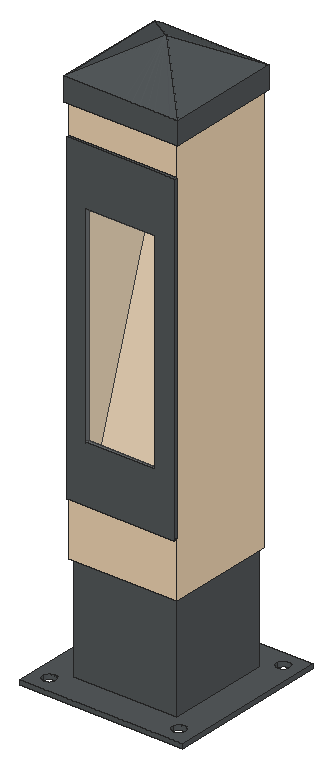
Revit family "Баум", category Осветительные приборы, Revit 2019 (continued)
Types (3, lengths in mm): name | Файл фотометрической сетки | built-in parameter 1150105 | Lumens | built-in parameter 1150106 | built-in parameter 1150142 | Wattage | h_столб низ | h_столб верх | ADSK_Фактическая мощность | ADSK_Размер_Высота | ADSK_Номинальная мощность | ADSK_Наименование | ADSK_Масса_Текст | ADSK_Масса | ADSK_Артикул
    224.4 195.8 164.4 137.6 115.4 98.2 73.8 41.3 8.1 1.3 0.4 0.4 0.4 0.4 0.4 0.4 0.4 0.4 0.4 0.4 0.4\r\n 0.4 0.4 0.4 0.4 0.4 0.4 0.4 0.4 0.4 0.4 0.4 0.4 0.4 0.4 0.4 0.4 0.4 0.4 0.4 0.4 0.4 0.4 0.4 0.4 0.4 0.4 0.4 0.4 0.4 0.4 0.4 0.4\r\n 0.4 0.4 0.4 0.4 0.4 0.4 0.4 0.4 0.4 0.4 0.4 0.4 0.4 0.4 0.4 0.4 0.4 0.4 0.4 0.4 0.4 0.4 0.4 0.4 0.4 0.4 0.4 0.4 0.4 0.4 0.4 0.4\r\n 0.4 0.4 0.4 0.4 0.4 0.4 0.4 0.4 0.4 0.6 0.4 0.4 0.4 0.2 0.2 0.2 0.2 0.2 0.2 0.0 0.0 0.0\r\n0.0 0.0 0.6 0.4 0.4 0.2 0.2 0.2 0.4 0.6 0.6 0.4 0.4 0.4 1.6 34.1 118.0 228.1 300.4 368.5 422.8 484.8 550.7 632.4 731.0 839.2 874.1\r\n 882.5 881.6 880.7 881.6 880.9 874.8 869.1 866.0 859.2 859.6 857.0 851.1 847.8 848.8 843.3 835.5 830.8 819.2 813.7 810.0 804.5\r\n 795.7 787.7 788.4 779.4 762.9 750.6 742.0 733.2 720.5 707.1 692.6 665.8 624.3 570.9 518.1 487.2 460.8 428.9 404.7 384.3 357.7\r\n 329.6 302.8 284.6 255.5 227.9 214.5 191.4 162.8 138.2 105.3 90.5 67.2 42.8 13.2 1.8 0.4 0.4 0.4 0.4 0.4 0.4 0.4 0.4 0.4 0.4 0.4\r\n 0.4 0.4 0.4 0.4 0.4 0.4 0.4 0.4 0.4 0.4 0.4 0.4 0.4 0.4 0.4 0.4 0.4 0.4 0.4 0.4 0.4 0.4 0.4 0.4 0.4 0.4 0.4 0.4 0.4 0.4 0.4 0.4\r\n 0.4 0.4 0.4 0.4 0.4 0.4 0.4 0.4 0.4 0.4 0.4 0.4 0.4 0.4 0.4 0.4 0.4 0.4 0.4 0.4 0.4 0.4 0.4 0.4 0.4 0.4 0.4 0.4 0.4 0.4 0.4 0.4\r\n 0.4 0.4 0.4 0.4 0.4 0.4 0.4 0.4 0.4 0.4 0.4 0.4 0.4 0.2 0.2 0.2 0.2 0.2 0.2 0.0 0.0 0.0\r\n0.0 0.0 0.6 0.4 0.4 0.2 0.2 0.2 0.4 0.6 0.6 0.4 0.4 0.4 0.6 9.9 60.7 171.2 256.9 323.4 383.9 430.2 477.3 537.5 604.5 690.6 768.0\r\n 802.1 810.8 808.4 802.0 800.9 810.0 805.6 799.0 797.4 790.2 792.8 790.4 782.1 775.4 767.3 762.7 757.2 754.6 749.7 742.9 742.9\r\n 735.9 725.1 712.6 700.5 698.3 687.5 674.1 663.6 655.7 642.3 632.0 617.2 590.4 550.9 497.3 451.4 419.9 391.1 359.1 330.0 315.3\r\n 287.4 264.6 246.3 228.1 202.8 180.6 162.8 135.3 114.3 94.0 79.1 60.6 37.4 17.2 2.4 0.4 0.4 0.4 0.4 0.4 0.4 0.4 0.4 0.4 0.4 0.4\r\n 0.4 0.4 0.4 0.4 0.4 0.4 0.4 0.4 0.4 0.4 0.4 0.4 0.4 0.4 0.4 0.4 0.4 0.4 0.4 0.4 0.4 0.4 0.4 0.4 0.4 0.4 0.4 0.4 0.4 0.4 0.4 0.4\r\n 0.4 0.4 0.4 0.4 0.4 0.4 0.4 0.4 0.4 0.4 0.4 0.4 0.4 0.4 0.4 0.4 0.4 0.4 0.4 0.4 0.4 0.4 0.4 0.4 0.4 0.4 0.4 0.4 0.4 0.4 0.4 0.4\r\n 0.4 0.4 0.4 0.4 0.4 0.4 0.4 0.4 0.4 0.4 0.4 0.4 0.4 0.2 0.2 0.2 0.2 0.2 0.2 0.0 0.0 0.0\r\n0.0 0.0 0.6 0.2 0.4 0.2 0.2 0.2 0.4 0.6 0.6 0.4 0.4 0.4 0.4 2.4 22.0 98.9 196.9 276.4 331.3 372.7 412.7 456.6 504.9 562.3 625.1\r\n 700.7 716.1 721.0 724.0 725.8 722.7 722.3 723.6 723.8 722.0 719.9 717.9 711.7 712.8 707.5 703.6 699.2 687.6 682.1 673.5 659.7\r\n 655.5 649.8 639.2 632.2 625.2 619.6 609.8 595.7 580.5 570.9 560.5 547.2 536.2 513.1 470.2 421.9 378.4 350.2 325.7 293.6 271.1\r\n 255.3 228.8 204.6 189.6 170.5 151.4 137.8 123.1 102.2 82.2 65.1 54.7 35.2 16.3 1.8 0.4 0.4 0.4 0.4 0.4 0.4 0.4 0.4 0.4 0.4 0.4\r\n 0.4 0.4 0.4 0.4 0.4 0.4 0.4 0.4 0.4 0.4 0.4 0.4 0.4 0.4 0.4 0.4 0.4 0.4 0.4 0.4 0.4 0.4 0.4 0.4 0.4 0.4 0.4 0.4 0.4 0.4 0.4 0.4\r\n 0.4 0.4 0.4 0.4 0.4 0.4 0.4 0.4 0.4 0.4 0.4 0.4 0.4 0.4 0.4 0.4 0.4 0.4 0.4 0.4 0.4 0.4 0.4 0.4 0.4 0.4 0.4 0.4 0.4 0.4 0.4 0.4\r\n 0.4 0.4 0.4 0.4 0.4 0.4 0.4 0.4 0.4 0.4 0.4 0.4 0.4 0.2 0.2 0.2 0.2 0.2 0.2 0.0 0.0 0.0\r\n0.0 0.0 0.4 0.2 0.4 0.2 0.2 0.2 0.4 0.6 0.6 0.4 0.4 0.4 0.4 0.7 5.0 40.0 113.6 218.6 276.9 320.8 365.2 401.3 443.4 497.7 546.9\r\n 600.1 633.3 655.5 662.9 660.5 654.8 659.6 662.3 659.2 654.1 654.2 646.3 647.3 645.2 636.3 633.7 629.8 626.5 616.6 608.5 606.5\r\n 599.6 593.9 586.2 576.8 569.5 559.7 551.8 541.4 534.8 525.2 517.0 509.3 496.8 483.0 463.0 423.7 373.3 327.6 298.4 276.0 249.4\r\n 230.3 213.1 190.7 170.3 158.6 138.9 121.1 110.3 92.7 76.2 58.4 46.8 31.9 13.2 0.9 0.4 0.4 0.4 0.4 0.4 0.4 0.4 0.4 0.4 0.4 0.4 0.4\r\n 0.4 0.4 0.4 0.4 0.4 0.4 0.4 0.4 0.4 0.4 0.4 0.4 0.4 0.4 0.4 0.4 0.4 0.4 0.4 0.4 0.4 0.4 0.4 0.4 0.4 0.4 0.4 0.4 0.4 0.4 0.4 0.4\r\n 0.4 0.4 0.4 0.4 0.4 0.4 0.4 0.4 0.4 0.4 0.4 0.4 0.4 0.4 0.4 0.4 0.4 0.4 0.4 0.4 0.4 0.4 0.4 0.4 0.4 0.4 0.4 0.4 0.4 0.4 0.4 0.4\r\n 0.4 0.4 0.4 0.4 0.4 0.4 0.4 0.4 0.4 0.4 0.4 0.4 0.2 0.2 0.2 0.2 0.2 0.2 0.0 0.0 0.0\r\n0.0 0.0 0.4 0.2 0.4 0.2 0.2 0.2 0.4 0.6 0.6 0.4 0.4 0.4 0.4 0.6 0.9 11.4 45.3 131.0 208.1 262.4 306.5 345.9 381.4 427.0 464.7\r\n 505.8 532.6 588.4 601.0 598.8 596.6 592.2 593.3 594.8 594.2 593.5 591.3 585.2 580.8 582.7 572.8 570.7 568.0 559.5 555.0 548.7\r\n 544.3 539.4 533.7 526.9 518.1 507.2 499.0 494.8 483.6 474.6 464.3 452.5 442.1 429.8 417.3 398.4 369.4 324.1 280.8 251.1 230.5\r\n 210.5 194.0 179.3 159.1 142.2 131.8 113.4 97.1 86.1 69.0 52.5 38.2 28.1 14.5 2.6 0.7 0.4 0.4 0.4 0.4 0.4 0.4 0.4 0.4 0.4 0.4 0.4\r\n 0.4 0.4 0.4 0.4 0.4 0.4 0.4 0.4 0.4 0.4 0.4 0.4 0.4 0.4 0.4 0.4 0.4 0.4 0.4 0.4 0.4 0.4 0.4 0.4 0.4 0.4 0.4 0.4 0.4 0.4 0.4 0.4\r\n 0.4 0.4 0.4 0.4 0.4 0.4 0.4 0.4 0.4 0.4 0.4 0.4 0.4 0.4 0.4 0.4 0.4 0.4 0.4 0.4 0.4 0.4 0.4 0.4 0.4 0.4 0.4 0.4 0.4 0.4 0.4 0.4\r\n 0.4 0.4 0.4 0.4 0.4 0.4 0.4 0.4 0.4 0.4 0.4 0.4 0.2 0.2 0.2 0.2 0.2 0.2 0.0 0.0 0.0\r\n0.0 0.0 0.4 0.2 0.4 0.2 0.2 0.2 0.4 0.6 0.6 0.4 0.4 0.4 0.4 0.4 0.4 2.4 11.4 49.4 117.8 181.3 228.7 269.4 312.7 352.4 385.2 425.2\r\n 452.2 475.9 515.9 546.1 554.4 553.3 547.4 542.3 540.6 537.3 533.8 532.2 528.0 519.9 513.1 506.7 507.8 505.4 497.9 494.8 484.7\r\n 479.5 477.0 469.6 463.6 457.7 448.9 440.8 431.3 422.8 413.8 406.1 396.4 386.1 376.6 365.2 351.1 322.4 284.1 240.6 212.7 192.0\r\n 174.2 159.3 145.5 127.9 114.5 101.5 85.9 73.8 61.5 44.8 32.5 26.6 16.1 4.2 0.6 0.4 0.4 0.4 0.4 0.4 0.4 0.4 0.4 0.4 0.4 0.4 0.4\r\n 0.4 0.4 0.4 0.4 0.4 0.4 0.4 0.4 0.4 0.4 0.4 0.4 0.4 0.4 0.4 0.4 0.4 0.4 0.4 0.4 0.4 0.4 0.4 0.4 0.4 0.4 0.4 0.4 0.4 0.4 0.4 0.4\r\n 0.4 0.4 0.4 0.4 0.4 0.4 0.4 0.4 0.4 0.4 0.4 0.4 0.4 0.4 0.4 0.4 0.4 0.4 0.4 0.4 0.4 0.4 0.4 0.4 0.4 0.4 0.4 0.4 0.4 0.4 0.4 0.4\r\n 0.4 0.4 0.4 0.4 0.4 0.4 0.4 0.4 0.4 0.4 0.4 0.2 0.2 0.2 0.2 0.2 0.2 0.0 0.0 0.0\r\n0.0 0.0 0.4 0.2 0.4 0.2 0.2 0.2 0.4 0.6 0.6 0.4 0.4 0.4 0.4 0.4 0.4 0.6 1.6 11.4 46.4 98.0 144.4 186.3 221.7 255.1 282.6 305.2\r\n 338.2 371.3 402.1 445.2 487.2 489.6 489.4 491.1 486.5 478.4 476.2 472.0 464.1 462.3 457.1 450.7 442.3 440.8 434.9 429.8 422.8\r\n 414.6 409.4 405.2 397.5 394.9 385.8 382.5 377.1 368.5 361.7 352.5 344.6 336.6 329.6 320.1 311.6 301.0 282.3 253.4 218.2 190.9\r\n 172.3 152.9 137.1 123.9 107.2 95.2 81.8 69.0 58.4 47.9 36.9 27.9 19.8 10.5 2.0 0.4 0.4 0.4 0.4 0.4 0.4 0.4 0.4 0.4 0.4 0.4 0.4\r\n 0.4 0.4 0.4 0.4 0.4 0.4 0.4 0.4 0.4 0.4 0.4 0.4 0.4 0.4 0.4 0.4 0.4 0.4 0.4 0.4 0.4 0.4 0.4 0.4 0.4 0.4 0.4 0.4 0.4 0.4 0.4 0.4\r\n 0.4 0.4 0.4 0.4 0.4 0.4 0.4 0.4 0.4 0.4 0.4 0.4 0.4 0.4 0.4 0.4 0.4 0.4 0.4 0.4 0.4 0.4 0.4 0.4 0.4 0.4 0.4 0.4 0.4 0.4 0.4 0.4\r\n 0.4 0.4 0.4 0.4 0.4 0.4 0.4 0.4 0.4 0.4 0.4 0.2 0.2 0.2 0.2 0.2 0.2 0.0 0.0 0.0\r\n0.0 0.0 0.4 0.2 0.4 0.2 0.2 0.2 0.4 0.6 0.6 0.4 0.4 0.4 0.4 0.4 0.4 0.4 0.6 1.8 10.5 28.3 61.3 102.2 139.7 167.7 185.9 201.9 226.5\r\n 245.9 269.8 306.8 335.5 385.4 411.6 422.8 425.9 422.3 416.0 409.6 408.1 404.7 401.5 395.3 389.6 383.4 376.4 368.0 364.5 360.1\r\n 351.1 345.9 340.6 332.7 328.1 318.0 309.2 304.5 298.0 289.4 284.1 279.5 270.1 262.4 254.5 244.8 234.5 219.9 197.1 172.7 152.1\r\n 138.0 121.1 109.2 98.2 84.0 76.3 63.9 55.2 45.5 35.8 25.9 18.5 10.3 2.9 0.4 0.4 0.4 0.4 0.4 0.4 0.4 0.4 0.4 0.4 0.4 0.4 0.4 0.4\r\n 0.4 0.4 0.4 0.4 0.4 0.4 0.4 0.4 0.4 0.4 0.4 0.4 0.4 0.4 0.4 0.4 0.4 0.4 0.4 0.4 0.4 0.4 0.4 0.4 0.4 0.4 0.4 0.4 0.4 0.4 0.4 0.4\r\n 0.4 0.4 0.4 0.4 0.4 0.4 0.4 0.4 0.4 0.4 0.4 0.4 0.4 0.4 0.4 0.4 0.4 0.4 0.4 0.4 0.4 0.4 0.4 0.4 0.4 0.4 0.4 0.4 0.4 0.4 0.4 0.4\r\n 0.4 0.4 0.4 0.4 0.4 0.4 0.2 0.4 0.4 0.2 0.2 0.2 0.2 0.2 0.2 0.0 0.0 0.0\r\n0.0 0.0 0.4 0.2 0.2 0.2 0.2 0.2 0.4 0.6 0.4 0.4 0.4 0.4 0.4 0.4 0.4 0.4 0.4 0.6 1.3 3.5 15.8 38.0 70.1 98.4 126.8 143.9 164.1\r\n 182.2 198.6 228.8 255.5 276.4 312.3 343.9 360.6 369.1 369.4 370.7 365.0 360.6 355.7 350.0 348.0 342.1 337.9 335.1 330.0 322.8\r\n 318.0 312.7 306.1 302.4 298.2 293.3 288.1 280.0 272.7 266.5 258.6 251.8 245.0 237.5 229.9 221.3 212.5 205.4 196.5 179.1 158.7\r\n 138.0 123.3 110.1 98.5 88.5 76.7 66.6 57.6 47.3 39.3 29.5 21.5 15.0 5.9 1.1 0.4 0.4 0.4 0.4 0.4 0.4 0.4 0.4 0.4 0.4 0.4 0.4 0.4\r\n 0.4 0.4 0.4 0.4 0.4 0.4 0.4 0.4 0.4 0.4 0.4 0.4 0.4 0.4 0.4 0.4 0.4 0.4 0.4 0.4 0.4 0.4 0.4 0.4 0.4 0.4 0.4 0.4 0.4 0.4 0.4 0.4\r\n 0.4 0.4 0.4 0.4 0.4 0.4 0.4 0.4 0.4 0.4 0.4 0.4 0.4 0.4 0.4 0.4 0.4 0.4 0.4 0.4 0.4 0.4 0.4 0.4 0.4 0.4 0.4 0.4 0.4 0.4 0.4 0.4\r\n 0.4 0.4 0.4 0.4 0.4 0.4 0.2 0.2 0.4 0.2 0.2 0.2 0.2 0.2 0.2 0.0 0.0 0.0\r\n0.0 0.0 0.4 0.2 0.2 0.2 0.2 0.2 0.4 0.6 0.4 0.4 0.4 0.4 0.4 0.4 0.4 0.4 0.4 0.4 0.4 0.6 2.4 6.6 18.3 31.4 73.4 103.5 125.9 145.0\r\n 160.6 178.7 196.9 218.2 242.4 258.9 288.5 319.0 332.5 351.8 350.3 350.0 344.6 343.9 338.8 335.7 332.0 323.9 317.9 313.6 309.8\r\n 305.4 299.1 294.0 287.4 282.1 274.9 266.3 260.0 254.4 248.1 241.3 233.1 225.7 217.1 209.6 201.0 193.6 185.9 177.1 164.2 145.0\r\n 124.6 108.1 96.7 84.8 75.1 63.1 54.9 43.5 37.8 29.0 20.4 13.9 6.4 0.9 0.4 0.4 0.4 0.4 0.4 0.4 0.4 0.4 0.4 0.4 0.4 0.4 0.4 0.4 0.4\r\n 0.4 0.4 0.4 0.4 0.4 0.4 0.4 0.4 0.4 0.4 0.4 0.4 0.4 0.4 0.4 0.4 0.4 0.4 0.4 0.4 0.4 0.4 0.4 0.4 0.4 0.4 0.4 0.4 0.4 0.4 0.4 0.4\r\n 0.4 0.4 0.4 0.4 0.4 0.4 0.4 0.4 0.4 0.4 0.4 0.4 0.4 0.4 0.4 0.4 0.4 0.4 0.4 0.4 0.4 0.4 0.4 0.4 0.4 0.4 0.4 0.4 0.4 0.4 0.4 0.4\r\n 0.4 0.4 0.4 0.4 0.2 0.2 0.4 0.2 0.2 0.2 0.2 0.2 0.2 0.0 0.0 0.0\r\n0.0 0.0 0.4 0.2 0.2 0.2 0.2 0.2 0.4 0.6 0.4 0.4 0.4 0.4 0.4 0.4 0.4 0.4 0.4 0.4 0.4 0.4 0.6 0.6 2.2 6.4 19.4 34.1 70.7 91.0 109.7\r\n 128.1 149.7 169.0 183.9 203.0 224.3 248.1 279.5 298.8 310.9 323.7 334.9 332.4 331.3 325.7 320.8 318.6 312.0 306.1 297.9 289.8\r\n 282.6 276.6 272.0 265.7 257.3 249.2 243.2 236.9 231.0 223.9 215.4 207.9 200.2 192.1 184.8 177.6 170.1 162.0 152.9 143.7 130.3\r\n 112.1 94.9 82.4 70.5 61.5 50.6 44.0 34.9 28.8 20.7 13.8 8.6 3.1 0.7 0.4 0.4 0.4 0.4 0.4 0.4 0.4 0.4 0.4 0.4 0.4 0.4 0.4 0.4 0.4\r\n 0.4 0.4 0.4 0.4 0.4 0.4 0.4 0.4 0.4 0.4 0.4 0.4 0.4 0.4 0.4 0.4 0.4 0.4 0.4 0.4 0.4 0.4 0.4 0.4 0.4 0.4 0.4 0.4 0.4 0.4 0.4 0.4\r\n 0.4 0.4 0.4 0.4 0.4 0.4 0.4 0.4 0.4 0.4 0.4 0.4 0.4 0.4 0.4 0.4 0.4 0.4 0.4 0.4 0.4 0.4 0.4 0.4 0.4 0.4 0.4 0.4 0.4 0.4 0.4 0.4\r\n 0.4 0.4 0.4 0.2 0.2 0.4 0.2 0.2 0.2 0.2 0.2 0.2 0.0 0.0 0.0\r\n0.0 0.0 0.4 0.2 0.2 0.2 0.2 0.2 0.4 0.6 0.4 0.4 0.4 0.4 0.4 0.4 0.4 0.4 0.4 0.4 0.4 0.4 0.4 0.4 0.4 1.1 2.2 4.2 11.2 38.7 58.0\r\n 74.5 100.7 121.5 140.4 151.8 165.5 182.2 198.2 209.8 214.5 232.0 237.5 234.4 229.4 226.1 219.5 214.7 211.0 208.8 203.9 202.4\r\n 204.3 204.8 202.2 198.7 195.8 193.6 189.0 183.9 178.6 172.5 167.9 162.2 156.2 150.3 144.6 138.7 131.8 125.2 118.2 110.5 103.1\r\n 92.1 78.2 62.8 50.8 42.8 36.0 28.1 22.6 16.5 12.1 7.2 4.0 1.1 0.4 0.4 0.4 0.4 0.4 0.4 0.4 0.4 0.4 0.4 0.4 0.4 0.4 0.4 0.4 0.4 0.4\r\n 0.4 0.4 0.4 0.4 0.4 0.4 0.4 0.4 0.4 0.4 0.4 0.4 0.4 0.4 0.4 0.4 0.4 0.4 0.4 0.4 0.4 0.4 0.4 0.4 0.4 0.4 0.4 0.4 0.4 0.4 0.4 0.4\r\n 0.4 0.4 0.4 0.4 0.4 0.4 0.4 0.4 0.4 0.4 0.4 0.4 0.4 0.4 0.4 0.4 0.4 0.4 0.4 0.4 0.4 0.4 0.4 0.4 0.4 0.4 0.4 0.4 0.4 0.4 0.4 0.4\r\n 0.4 0.4 0.2 0.2 0.4 0.2 0.2 0.2 0.2 0.2 0.2 0.0 0.0 0.0\r\n0.0 0.0 0.4 0.2 0.2 0.2 0.2 0.2 0.4 0.6 0.4 0.4 0.4 0.4 0.4 0.4 0.4 0.4 0.4 0.4 0.4 0.4 0.4 0.4 0.4 0.4 0.4 0.4 0.7 4.6 6.8 20.0\r\n 34.3 45.5 72.1 99.1 113.6 129.9 136.4 144.1 151.0 160.8 163.7 162.0 160.6 155.1 151.0 147.0 142.8 141.1 139.3 136.9 133.6 131.9\r\n 129.9 126.4 122.2 119.3 116.5 115.1 112.5 108.8 105.9 102.6 99.3 96.5 92.3 87.5 83.1 79.5 75.2 69.9 64.8 60.2 55.4 48.3 36.7 26.8\r\n 19.4 13.6 9.7 6.2 3.7 2.2 0.7 0.4 0.4 0.4 0.4 0.4 0.4 0.4 0.4 0.4 0.4 0.4 0.4 0.4 0.4 0.4 0.4 0.4 0.4 0.4 0.4 0.4 0.4 0.4 0.4 0.4\r\n 0.4 0.4 0.4 0.4 0.4 0.4 0.4 0.4 0.4 0.4 0.4 0.4 0.4 0.4 0.4 0.4 0.4 0.4 0.4 0.4 0.4 0.4 0.4 0.4 0.4 0.4 0.4 0.4 0.4 0.4 0.4 0.4\r\n 0.4 0.4 0.4 0.4 0.4 0.4 0.4 0.4 0.4 0.4 0.4 0.4 0.4 0.4 0.4 0.4 0.4 0.4 0.6 0.6 0.4 0.4 0.4 0.4 0.4 0.4 0.4 0.2 0.2 0.4 0.2 0.2\r\n 0.2 0.2 0.2 0.2 0.0 0.0 0.0\r\n0.0 0.0 0.4 0.2 0.2 0.2 0.2 0.2 0.4 0.6 0.4 0.4 0.4 0.4 0.4 0.4 0.4 0.4 0.4 0.4 0.4 0.4 0.4 0.4 0.4 0.4 0.4 0.4 0.4 0.4 0.4 1.8\r\n 3.1 9.9 19.8 19.3 32.1 70.3 78.0 81.1 85.0 88.5 91.4 89.6 84.2 80.9 78.4 77.6 79.6 78.9 77.1 75.6 75.2 73.4 71.8 70.5 70.5 71.8\r\n 71.8 69.5 67.3 65.9 63.5 60.9 58.2 55.4 52.7 49.0 46.1 43.5 40.9 38.4 35.8 33.6 31.6 29.2 26.2 19.3 9.7 6.2 4.2 2.2 0.9 0.6 0.4\r\n 0.4 0.4 0.4 0.4 0.4 0.4 0.4 0.4 0.4 0.4 0.4 0.4 0.4 0.4 0.4 0.4 0.4 0.4 0.4 0.4 0.4 0.4 0.4 0.4 0.4 0.4 0.4 0.4 0.4 0.4 0.4 0.4\r\n 0.4 0.4 0.4 0.4 0.4 0.4 0.4 0.4 0.4 0.4 0.4 0.4 0.4 0.4 0.4 0.4 0.4 0.4 0.4 0.4 0.4 0.4 0.4 0.4 0.4 0.4 0.4 0.4 0.4 0.4 0.4 0.4\r\n 0.4 0.4 0.4 0.4 0.4 0.4 0.4 0.4 0.4 0.4 0.4 0.6 0.6 0.4 0.4 0.4 0.4 0.4 0.4 0.4 0.2 0.2 0.4 0.2 0.2 0.2 0.2 0.2 0.2 0.0 0.0 0.0\r\n0.0 0.0 0.4 0.2 0.2 0.2 0.2 0.2 0.4 0.6 0.4 0.4 0.4 0.4 0.4 0.4 0.4 0.4 0.4 0.4 0.4 0.4 0.4 0.4 0.4 0.4 0.4 0.4 0.4 0.4 0.4 0.4\r\n 0.4 0.9 1.6 1.3 2.9 4.8 5.7 3.8 4.4 6.1 8.8 11.9 14.9 17.6 20.4 22.6 24.4 23.9 24.0 21.8 18.9 15.4 13.6 12.8 12.3 10.3 8.3 7.2\r\n 6.8 6.6 6.1 5.0 4.0 2.9 1.8 1.3 0.7 0.7 0.7 0.7 0.7 0.9 0.9 0.9 1.1 0.9 0.9 0.6 0.4 0.4 0.4 0.4 0.4 0.4 0.4 0.4 0.4 0.4 0.4 0.4\r\n 0.4 0.4 0.4 0.4 0.4 0.4 0.4 0.4 0.4 0.4 0.4 0.4 0.4 0.4 0.4 0.4 0.4 0.4 0.4 0.4 0.4 0.4 0.4 0.4 0.4 0.4 0.4 0.4 0.4 0.4 0.4 0.4\r\n 0.4 0.4 0.4 0.4 0.4 0.4 0.4 0.4 0.4 0.4 0.4 0.4 0.4 0.4 0.4 0.4 0.4 0.4 0.4 0.4 0.4 0.4 0.4 0.4 0.4 0.4 0.4 0.4 0.4 0.4 0.4 0.4\r\n 0.4 0.4 0.4 0.4 0.4 0.4 0.4 0.4 0.4 0.4 0.4 0.4 0.4 0.2 0.2 0.2 0.2 0.2 0.2 0.2 0.2 0.2 0.0 0.0 0.0\r\n0.0 0.0 0.4 0.2 0.2 0.2 0.2 0.2 0.4 0.6 0.4 0.4 0.4 0.4 0.4 0.4 0.4 0.4 0.4 0.4 0.4 0.4 0.4 0.4 0.4 0.4 0.4 0.4 0.4 0.4 0.4 0.4\r\n 0.4 0.4 0.4 0.4 0.4 0.4 0.6 0.4 0.4 0.4 0.6 0.6 0.7 0.7 0.7 0.7 0.7 0.6 0.6 0.6 0.6 0.6 0.6 0.6 0.4 0.4 0.4 0.4 0.4 0.4 0.4 0.4\r\n 0.4 0.4 0.4 0.4 0.4 0.4 0.4 0.4 0.4 0.4 0.4 0.4 0.4 0.4 0.4 0.4 0.4 0.4 0.4 0.4 0.4 0.4 0.4 0.4 0.4 0.4 0.4 0.4 0.4 0.4 0.4 0.4\r\n 0.4 0.4 0.4 0.4 0.4 0.4 0.4 0.4 0.4 0.4 0.4 0.4 0.4 0.4 0.4 0.4 0.4 0.4 0.4 0.4 0.4 0.4 0.4 0.4 0.4 0.4 0.4 0.4 0.4 0.4 0.4 0.4\r\n 0.4 0.4 0.4 0.4 0.4 0.4 0.4 0.4 0.4 0.4 0.4 0.4 0.4 0.4 0.4 0.4 0.4 0.4 0.4 0.4 0.4 0.4 0.4 0.4 0.4 0.4 0.4 0.4 0.4 0.4 0.4 0.4\r\n 0.4 0.4 0.4 0.4 0.4 0.4 0.4 0.4 0.4 0.2 0.2 0.2 0.2 0.2 0.2 0.2 0.2 0.2 0.0 0.0 0.0\r\n0.0 0.0 0.2 0.2 0.2 0.2 0.2 0.2 0.4 0.6 0.4 0.4 0.4 0.4 0.4 0.4 0.4 0.4 0.4 0.4 0.4 0.4 0.4 0.4 0.4 0.4 0.4 0.4 0.4 0.4 0.4 0.4\r\n 0.4 0.4 0.4 0.4 0.4 0.4 0.4 0.4 0.4 0.4 0.4 0.4 0.4 0.4 0.4 0.4 0.4 0.4 0.4 0.4 0.4 0.4 0.4 0.4 0.4 0.4 0.4 0.4 0.4 0.4 0.4 0.4\r\n 0.4 0.4 0.4 0.4 0.4 0.4 0.4 0.4 0.4 0.4 0.4 0.4 0.4 0.4 0.4 0.4 0.4 0.4 0.4 0.4 0.4 0.4 0.4 0.4 0.4 0.4 0.4 0.4 0.4 0.4 0.4 0.4\r\n 0.4 0.4 0.4 0.4 0.4 0.4 0.4 0.4 0.4 0.4 0.4 0.4 0.4 0.4 0.4 0.4 0.4 0.4 0.4 0.4 0.4 0.4 0.4 0.4 0.4 0.4 0.4 0.4 0.4 0.4 0.4 0.4\r\n 0.4 0.4 0.4 0.4 0.4 0.4 0.4 0.4 0.4 0.4 0.4 0.4 0.4 0.4 0.4 0.4 0.4 0.4 0.4 0.4 0.4 0.4 0.4 0.4 0.4 0.4 0.4 0.4 0.4 0.4 0.4 0.4\r\n 0.4 0.4 0.4 0.4 0.4 0.4 0.4 0.4 0.4 0.2 0.2 0.2 0.2 0.2 0.2 0.2 0.2 0.2 0.0 0.0 0.0\r\n0.0 0.0 0.2 0.2 0.2 0.2 0.2 0.2 0.4 0.6 0.4 0.4 0.4 0.4 0.4 0.4 0.4 0.4 0.4 0.4 0.4 0.4 0.4 0.4 0.4 0.4 0.4 0.4 0.4 0.4 0.4 0.4\r\n 0.4 0.4 0.4 0.4 0.4 0.4 0.4 0.4 0.4 0.4 0.4 0.4 0.4 0.4 0.4 0.4 0.4 0.4 0.4 0.4 0.4 0.4 0.4 0.4 0.4 0.4 0.4 0.4 0.4 0.4 0.4 0.4\r\n 0.4 0.4 0.4 0.4 0.4 0.4 0.4 0.4 0.4 0.4 0.4 0.4 0.4 0.4 0.4 0.4 0.4 0.4 0.4 0.4 0.4 0.4 0.4 0.4 0.4 0.4 0.4 0.4 0.4 0.4 0.4 0.4\r\n 0.4 0.4 0.4 0.4 0.4 0.4 0.4 0.4 0.4 0.4 0.4 0.4 0.4 0.4 0.4 0.4 0.4 0.4 0.4 0.4 0.4 0.4 0.4 0.4 0.4 0.4 0.4 0.4 0.4 0.4 0.4 0.4\r\n 0.4 0.4 0.4 0.4 0.4 0.4 0.4 0.4 0.4 0.4 0.4 0.4 0.4 0.4 0.4 0.4 0.4 0.4 0.4 0.4 0.4 0.4 0.4 0.4 0.4 0.4 0.4 0.4 0.4 0.4 0.4 0.4\r\n 0.4 0.4 0.4 0.4 0.4 0.4 0.4 0.4 0.4 0.2 0.2 0.2 0.2 0.2 0.2 0.2 0.2 0.2 0.0 0.0 0.0\r\n0.0 0.0 0.2 0.2 0.2 0.2 0.2 0.2 0.4 0.6 0.4 0.4 0.4 0.4 0.4 0.4 0.4 0.4 0.4 0.4 0.4 0.4 0.4 0.4 0.4 0.4 0.4 0.4 0.4 0.4 0.4 0.4\r\n 0.4 0.4 0.4 0.4 0.4 0.4 0.4 0.4 0.4 0.4 0.4 0.4 0.4 0.4 0.4 0.4 0.4 0.4 0.4 0.4 0.4 0.4 0.4 0.4 0.4 0.4 0.4 0.4 0.4 0.4 0.4 0.4\r\n 0.4 0.4 0.4 0.4 0.4 0.4 0.4 0.4 0.4 0.4 0.4 0.4 0.4 0.4 0.4 0.4 0.4 0.4 0.4 0.4 0.4 0.4 0.4 0.4 0.4 0.4 0.4 0.4 0.4 0.4 0.4 0.4\r\n 0.4 0.4 0.4 0.4 0.4 0.4 0.4 0.4 0.4 0.4 0.4 0.4 0.4 0.4 0.4 0.4 0.4 0.4 0.4 0.4 0.4 0.4 0.4 0.4 0.4 0.4 0.4 0.4 0.4 0.4 0.4 0.4\r\n 0.4 0.4 0.4 0.4 0.4 0.4 0.4 0.4 0.4 0.4 0.4 0.4 0.4 0.4 0.4 0.4 0.4 0.4 0.4 0.4 0.4 0.4 0.4 0.4 0.4 0.4 0.4 0.4 0.4 0.4 0.4 0.4\r\n 0.4 0.4 0.4 0.4 0.4 0.4 0.4 0.4 0.4 0.2 0.2 0.2 0.2 0.2 0.2 0.2 0.2 0.2 0.0 0.0 0.0\r\n0.0 0.0 0.2 0.2 0.2 0.
